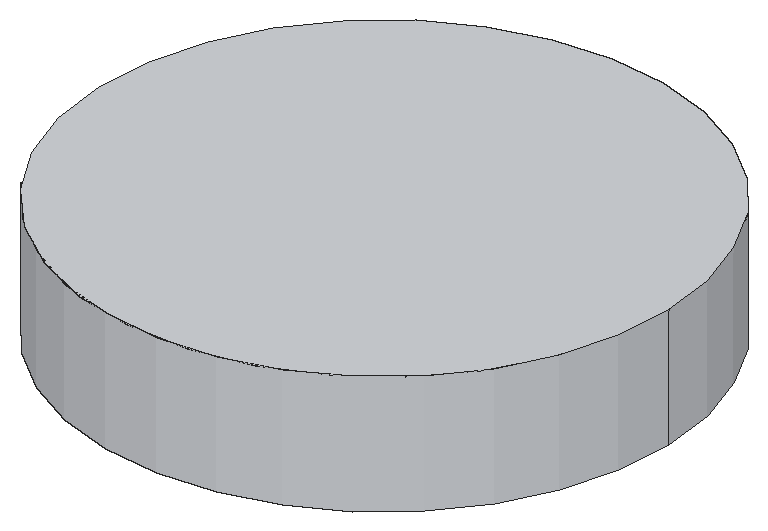
Revit family "WC OLIMPIA M_RFA", category Aparatos sanitarios, Revit 2021
Family settings
  Cota de conector redondo = Diámetro de uso
  Tipo de pieza = Normal
  Número OmniClass = 23.45.00.00
  Título OmniClass = Sanitary, Laundry, and Cleaning Equipment
  Se basa en plano de trabajo = No
  Siempre vertical = Sí
  Corte con vacíos al cargar = No
  Compartido = No
  Punto de cálculo de habitación = No
Parameters (values of type "WC OLIMPIA M")
  URL = "https://www.helvex.com.mx//productos/modelo/wc-olimpia-redondo-trampa-expuesta"
  Elevación por defecto = 0"
  Comentarios de tipo = "Ceramic"
  Total Width = 14.8"
  Total Length = 26.4"
  Total Height = 29.5"
  Modelo = "WC OLIMPIA M"
  Min. Working Pressure = 3.5 psi
  Maximum Consumption = "1.00 gpf"
  Max. Working Pressure = 85.34 psi
  Fabricante = "HELVEX"
  Instructive = "https://www.helvex.com.mx/files/instalacion/product599.pdf"
  Inlet Threads = "Feeding: Ø15/16\" - 14 NS - 1;  Flush: Couple With Sanitary Flange"
  High Gloss Ceramic = High Gloss Ceramic
  Features = "Sleek Ergonomic Design; Maximum Efficiency; Flat Base; Sturdy Built; Premium Quality High Gloss (A); Exposed Glazed Trapway; Siphon Action Jetted Bowl; Optimum Water Surface; Certified Intake And Flushing Valves; Silent Intake Valve; Sealed Flushing Valve; Flush Valve With Seal; Setting Kit Included; 5-Yr Warranty In Iron Fittings; Saves On Water Consumption; Less Than 1 gpf Consumption"
  Descripción = "1 gpf Olimpia Discharge Spaces Reduced Ecological With Exposed Trapway"
  Data Sheet = "http://helvex.com/productos/fichas/TTR.pdf"
  Compliance = "NOM-009-CONAGUA-2001"
  Certification = "http://helvex.com/productos/vistas/TTR.pdf"
Reference planes (in)
  plane 1 "Center (Front/Back)": y = 0
  plane 2: z = 0
  plane 3 "Center (Left/Right)": x = 0
  plane 4: y = -12
Forms (in)
  Extrusion 1, solid
    sketch origin (0, -12, 0) x (1, 0, 0) y (0, 1, 0)
      loop
        circle (0, 0) r 2
    from 0 to 0.85097
Dimensions and locks (in)
  locked: plane 4 to plane 1 "Center (Front/Back)" at 12  (x2)
  aligned and locked: level to plane 2
Connectors (in)
  piping at (0, -12, 0), diameter 4
    settings: on Extrusion 1, index 1, connector inside diameter 609.6 mm, connector length 0", flow factor 0, pipe flow 0.0 GPM, pressure drop 0.0 psi, fitting loss kfactor 0, connector angle 0.00°, fixture units 0, engagement length 0", angle of deflection 0.00°, flow configuration 2, flow direction 2, fitting loss method 0, system type 16, joint type 0, gender type 0, connector reference index -1, connector utility 0, adjustable connector no, is connector primary yes, connector description ""
